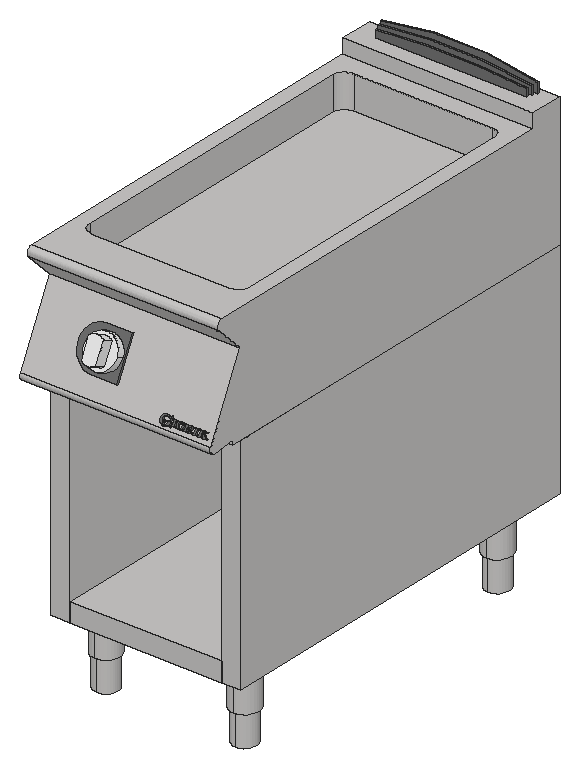
Revit family "QF_GIORIK_CM920G", category Specialty Equipment, Revit 2014
Parameters (values of type "CM920G")
  Weight in Pounds = 165.3465
  Watts = 5100 W
  Volts = 400 V
  URL Cutsheet = "www.giorik.com"
  URL = "www.giorik.com"
  Status [instance] = ""
  Specification by User [instance] = ""
  Specification by Manufacturer = ""
  Show Logo [instance] = yes
  Show Clearance [instance] = yes
  Serial Number = ""
  Seismic Rating = ""
  SMACNA No = ""
  Revision Code [instance] = ""
  Phase = 3
  Number of Poles [instance] = 3
  NAFEM Spec ID Number = ""
  Model = "CM920G"
  Min Ckt Ampacity = 0 A
  Max Overcurrent Protection = 0 A
  Masterspec = ""
  Manufacturer = "GIORIK"
  Item Number [instance] = ""
  Installed By [instance] = ""
  Identify Quantity as Lot [instance] = no
  HP = "6.839202000000"
  Furnished By [instance] = ""
  Foodservice Equipment Identifier [instance] = yes
  FL Amps = 0 A
  Electrical Remarks [instance] = ""
  Electric Connection Type [instance] = ""
  Elec Conn RI Height [instance] = 0 mm
  Elec Conn Connection Height [instance] = 150 mm
  Description = "MULTIPURPOSE BRATT PAN ON OPEN BASE UNIT, CAPACITY 12 LT"
  Cycle = 50 Hz
  Conn Plug = ""
  CSI MasterFormat = ""
  Assembly Code = "E1090320"
  Apparent Power = 5100 VA
Reference planes
  plane 1 "Back": y = 0
  plane 2: z = 0
  plane 3 "Left": x = 0
  plane 4 "Right": x = 400
  plane 5 "Front": y = -920
  plane 6 "Top": z = 900
Forms (mm)
  Extrusion 1, solid, visible <- "Show Logo"
    sketch origin (196.604, -936.624, 609.486) x (-1, 0, 0) y (0, 0.452718, 0.891654)
      loop
        line (-118.824, 58.358) -> (-127.804, 58.358) -> (-125.523, 56.445) -> (-125.523, 48.027) -> (-127.804, 46.113) -> (-118.824, 46.113) -> (-121.105, 48.027) -> (-121.105, 56.445) -> (-118.824, 58.358)
      loop
        line (-163.721, 58.358) -> (-172.7, 58.358) -> (-170.42, 56.445) -> (-170.42, 48.027) -> (-172.7, 46.113) -> (-163.721, 46.113) -> (-166.001, 48.027) -> (-166.001, 56.445) -> (-163.721, 58.358)
      loop
        line (-174.332, 58.358) -> (-183.312, 58.358) -> (-181.031, 56.445) -> (-181.031, 52.435) -> (-186.419, 56.955) -> (-184.416, 58.358) -> (-191.268, 58.358) -> (-188.01, 56.839) -> (-185.455, 54.283) -> (-190.846, 47.858) -> (-193.396, 46.93) -> (-193.396, 46.113) -> (-184.416, 46.113) -> (-185.437, 47.571) -> (-182.443, 51.552) -> (-181.031, 50.894) -> (-181.031, 48.027) -> (-183.312, 46.113) -> (-174.332, 46.113) -> (-176.613, 48.027) -> (-176.613, 56.445) -> (-174.332, 58.358)
      loop
        line (-115.429, 62.063) -> (-115.429, 54.198)
        arc (-115.429, 54.198) -> (-111.618, 57.803) -> (-106.847, 59.986) r 16.039
        arc (-106.847, 59.986) -> (-103.314, 59.837) -> (-100.512, 57.68) r 5.851
        arc (-100.512, 57.68) -> (-98.815, 52.267) -> (-100.512, 46.853) r 9.479
        arc (-100.512, 46.853) -> (-102.406, 44.986) -> (-104.846, 43.93) r 7.236
        arc (-104.846, 43.93) -> (-107.728, 44.111) -> (-110.052, 45.825) r 5.11
        line (-110.052, 45.825) -> (-110.052, 52.001) -> (-116.141, 52.001) -> (-116.141, 45.503) -> (-117.893, 43.751) -> (-114.094, 44.769)
        arc (-114.094, 44.769) -> (-112.56, 44.947) -> (-111.129, 44.366) r 3.115
        arc (-111.129, 44.366) -> (-104.216, 42.091) -> (-97.303, 44.366) r 11.641
        arc (-97.303, 44.366) -> (-93.396, 52.107) -> (-97.303, 59.849) r 9.622
        arc (-97.303, 59.849) -> (-104.369, 62.174) -> (-111.435, 59.849) r 11.898
        line (-111.435, 59.849) -> (-115.429, 62.063)
      loop
        arc (-129.234, 56.068) -> (-135.893, 58.628) -> (-142.552, 56.068) r 9.941
        arc (-142.552, 56.068) -> (-144.234, 52.286) -> (-142.552, 48.505) r 5.093
        arc (-142.552, 48.505) -> (-135.893, 45.945) -> (-129.234, 48.505) r 9.941
        arc (-129.234, 48.505) -> (-127.552, 52.286) -> (-129.234, 56.068) r 5.093
      loop
        arc (-132.628, 54.403) -> (-135.893, 57.668) -> (-139.158, 54.403) r 3.265
        line (-139.158, 54.403) -> (-139.158, 50.169)
        arc (-139.158, 50.169) -> (-135.893, 46.904) -> (-132.628, 50.169) r 3.265
        line (-132.628, 50.169) -> (-132.628, 54.403)
      loop
        arc (-156.363, 58.365) -> (-159.647, 55.081) -> (-156.363, 51.796) r 3.285
        line (-156.363, 51.796) -> (-159.529, 47.306) -> (-162.087, 46.113) -> (-155.847, 46.113) -> (-153.529, 51.083) -> (-150.637, 51.083) -> (-150.637, 47.784) -> (-153.022, 46.113) -> (-144.011, 46.113) -> (-146.094, 47.68) -> (-146.094, 56.493) -> (-144.229, 58.365) -> (-156.363, 58.365)
      loop
        line (-150.637, 57.512) -> (-153.637, 57.512)
        arc (-153.637, 57.512) -> (-156.237, 54.912) -> (-153.637, 52.312) r 2.6
        line (-153.637, 52.312) -> (-150.637, 52.312) -> (-150.637, 57.512)
      loop
        line (-108.924, 52.001) -> (-104.936, 49.005) -> (-100.948, 52.001) -> (-108.924, 52.001)
    from 1.5 to -0.5
  Extrusion 2, solid
    sketch origin (-16, 1025.948, 0) x (1, 0, 0) y (0, 1, 0)
      loop
        line (25, -1086.81) -> (25, -1156.81) -> (115, -1156.81) -> (115, -1086.81) -> (25, -1086.81)
    from 148 to 150
  Extrusion 3, solid
    sketch origin (-4, 0.138, 130) x (1, 0, 0) y (0, 1, 0)
      loop
        circle (54, -385) r 12.5
    from 0 to 20
  Extrusion 4, solid
    sketch origin (0, 800.138, -20) x (0, 1, 0) y (0, 0, 1)
      loop
        line (-800.138, 919.988) -> (-870.138, 919.988) -> (-870.138, 889.988) -> (-1688.806, 889.988)
        arc (-1688.806, 889.988) -> (-1699.151, 883.075) -> (-1696.724, 870.873) r 11.197
        line (-1696.724, 870.873) -> (-1640.876, 815.025) -> (-1718.948, 661.258)
        arc (-1718.948, 661.258) -> (-1718.233, 650.105) -> (-1708.118, 645.354) r 10.981
        line (-1708.118, 645.354) -> (-1660, 649.925) -> (-1660, 640) -> (-800.138, 640) -> (-800.138, 919.988)
    from 0 to 400
  Extrusion 5, solid
    sketch origin (0, -199.862, 599.536) x (1, 0, 0) y (0, 1, 0)
      loop
        line (0, -640) -> (40, -640) -> (40, 159.862) -> (360, 159.862) -> (360, -640) -> (400, -640) -> (400, 199.862) -> (0, 199.862) -> (0, -640)
    from -449.536 to 20.464
  Extrusion 6, solid
    sketch origin (0, -199.862, 0) x (1, 0, 0) y (0, 1, 0)
      loop
        line (40, 159.862) -> (40, -640) -> (360, -640) -> (360, 159.862) -> (40, 159.862)
    from 150 to 190
  Extrusion 7, solid
    sketch origin (-16, 360.948, 0) x (1, 0, 0) y (0, 1, 0)
      loop
        line (25, -1086.81) -> (25, -1156.81) -> (115, -1156.81) -> (115, -1086.81) -> (25, -1086.81)
    from 148 to 150
  Revolve 8, solid
    sketch origin (54, 360.948, 0) x (0, 1, 0) y (0, 0, 1)
      loop
        line (-1092.56, 66) -> (-1092.56, 148) -> (-1121.81, 148) -> (-1121.81, 0) -> (-1096.81, 0) -> (-1096.81, 66) -> (-1092.56, 66)
      axis (-1121.81, 0) -> (-1121.81, 148)
    angle from 0 to 360
  Revolve 9, solid
    sketch origin (54, 1025.948, 0) x (0, 1, 0) y (0, 0, 1)
      loop
        line (-1092.56, 66) -> (-1092.56, 148) -> (-1121.81, 148) -> (-1121.81, 0) -> (-1096.81, 0) -> (-1096.81, 66) -> (-1092.56, 66)
      axis (-1121.81, 0) -> (-1121.81, 148)
    angle from 0 to 360
  Extrusion 10, solid
    sketch origin (416, 360.948, 0) x (-1, 0, 0) y (0, -1, 0)
      loop
        line (25, 1086.81) -> (115, 1086.81) -> (115, 1156.81) -> (25, 1156.81) -> (25, 1086.81)
    from 148 to 150
  Revolve 11, solid
    sketch origin (346, 360.948, 0) x (0, 1, 0) y (0, 0, -1)
      loop
        line (-1092.56, -66) -> (-1096.81, -66) -> (-1096.81, 0) -> (-1121.81, 0) -> (-1121.81, -148) -> (-1092.56, -148) -> (-1092.56, -66)
      axis (-1121.81, 0) -> (-1121.81, -148)
    angle from 0 to 360
  Extrusion 12, solid
    sketch origin (416, -1217.672, 0) x (-1, 0, 0) y (0, -1, 0)
      loop
        line (25, -1086.81) -> (25, -1156.81) -> (115, -1156.81) -> (115, -1086.81) -> (25, -1086.81)
    from 148 to 150
  Revolve 13, solid
    sketch origin (346, -1217.672, 0) x (0, -1, 0) y (0, 0, 1)
      loop
        line (-1092.56, 66) -> (-1092.56, 148) -> (-1121.81, 148) -> (-1121.81, 0) -> (-1096.81, 0) -> (-1096.81, 66) -> (-1092.56, 66)
      axis (-1121.81, 0) -> (-1121.81, 148)
    angle from 0 to 360
  Extrusion 14, solid
    sketch origin (-273.221, -1163.208, 52.363) x (1, 0, 0) y (0, 0.452718, 0.891654)
      loop
        line (463.221, 676.25) -> (463.221, 766.25) -> (409.698, 766.25)
        arc (409.698, 766.25) -> (364.698, 721.25) -> (409.698, 676.25) r 45
        line (409.698, 676.25) -> (463.221, 676.25)
    from 48 to 50
  Extrusion 15, solid
    sketch origin (501.331, -1208.559, 74.959) x (-1, 0, 0) y (0, -0.45351, -0.891251)
      loop
        circle (351.331, -721.346) r 35
    from 0 to 15
  Extrusion 16, solid
    sketch origin (501.331, -1208.559, 74.959) x (-1, 0, 0) y (0, -0.45351, -0.891251)
      loop
        arc (336.331, -743.846) -> (351.331, -748.846) -> (366.331, -743.846) r 25
        line (366.331, -743.846) -> (366.331, -698.846)
        arc (366.331, -698.846) -> (351.331, -693.846) -> (336.331, -698.846) r 25
        line (336.331, -698.846) -> (336.331, -743.846)
    from 15 to 40
  Extrusion 17, solid
    sketch origin (-94, 0.138, -10.001) x (1, 0, 0) y (0, 0, 1)
      loop
        line (135, 909.989) -> (453, 909.989) -> (453, 925.527) -> (347.056, 931.749) -> (240.944, 931.749) -> (135, 925.527) -> (135, 909.989)
    from 32 to 35
  Extrusion 18, solid
    sketch origin (-92, 10.138, -10.001) x (1, 0, 0) y (0, 0, 1)
      loop
        line (454, 909.989) -> (454, 928.527) -> (346.162, 939.193) -> (237.838, 939.193) -> (130, 928.527) -> (130, 909.989) -> (454, 909.989)
    from 32 to 35
  Extrusion 19, solid
    sketch origin (-90, 20.138, -10.001) x (1, 0, 0) y (0, 0, 1)
      loop
        line (455, 909.989) -> (455, 930.527) -> (345.396, 947.413) -> (234.604, 947.413) -> (125, 930.527) -> (125, 909.989) -> (455, 909.989)
    from 32 to 35
  Extrusion 20, void
    sketch origin (0, -199.862, 819.988) x (0, 1, 0) y (-1, 0, 0)
      loop
        arc (90, -55) -> (82.678, -37.322) -> (65, -30) r 25
        line (65, -30) -> (-575, -30)
        arc (-575, -30) -> (-592.678, -37.322) -> (-600, -55) r 25
        line (-600, -55) -> (-600, -345)
        arc (-600, -345) -> (-592.678, -362.678) -> (-575, -370) r 25
        line (-575, -370) -> (65, -370)
        arc (65, -370) -> (82.678, -362.678) -> (90, -345) r 25
        line (90, -345) -> (90, -55)
    from -20 to 50
Cuts and joins
  Extrusion 20 cuts Extrusion 4
Lines and regions (mm)
  symbolic lines, style "200-EquipBorder-2D"
    curve 1: line (0, -920, 0) -> (400, -920, 0)
    curve 2: line (400, -920, 0) -> (400, 0, 0)
    curve 3: line (400, 0, 0) -> (0, 0, 0)
    curve 4: line (0, 0, 0) -> (0, -920, 0)
    curve 26: line (135, -927.276, 900) -> (135, -920, 900)
    curve 27: line (165, -927.276, 900) -> (165, -920, 900)
    curve 28: arc (165, -927.276, 900) -> (150, -929.502, 900) -> (135, -927.276, 900) r 51.647
  symbolic lines, style "200-EquipInternal-2D"
    curve 5: line (0, -70, 900) -> (400, -70, 900)
    curve 6: line (35, -11.862, 900) -> (365, -11.862, 900)
    curve 7: line (365, -11.862, 900) -> (365, -14.862, 900)
    curve 8: line (365, -14.862, 900) -> (35, -14.862, 900)
    curve 9: line (35, -14.862, 900) -> (35, -11.862, 900)
    curve 10: line (38, -21.862, 900) -> (362, -21.862, 900)
    curve 11: line (362, -21.862, 900) -> (362, -24.862, 900)
    curve 12: line (362, -24.862, 900) -> (38, -24.862, 900)
    curve 13: line (38, -24.862, 900) -> (38, -21.862, 900)
    curve 14: line (41, -31.862, 900) -> (359, -31.862, 900)
    curve 15: line (359, -31.862, 900) -> (359, -34.862, 900)
    curve 16: line (359, -34.862, 900) -> (41, -34.862, 900)
    curve 17: line (41, -34.862, 900) -> (41, -31.862, 900)
    curve 18: arc (55, -109.862, 900) -> (37.322, -117.185, 900) -> (30, -134.862, 900) r 25
    curve 19: line (30, -134.862, 900) -> (30, -774.862, 900)
    curve 20: arc (370, -134.862, 900) -> (362.678, -117.185, 900) -> (345, -109.862, 900) r 25
    curve 21: line (370, -774.862, 900) -> (370, -134.862, 900)
    curve 22: arc (345, -799.862, 900) -> (362.678, -792.54, 900) -> (370, -774.862, 900) r 25
    curve 23: line (55, -799.862, 900) -> (345, -799.862, 900)
    curve 24: arc (30, -774.862, 900) -> (37.322, -792.54, 900) -> (55, -799.862, 900) r 25
    curve 25: line (345, -109.862, 900) -> (55, -109.862, 900)
Dimensions and locks
  plane 3 "Left" to plane 4 "Right" = 400 mm
  plane 5 "Front" to plane 1 "Back" = 920 mm
  plane 4 "Right" to plane 3 "Left" = 400 mm
  plane 1 "Back" to plane 5 "Front" = 920 mm
  plane 6 "Top" to level = 900 mm  (x2)
  aligned and locked: level to plane 2
Connectors
  electrical at (50, -384.862, 130), driven by "Apparent Power", driven by "Volts", driven by "Number of Poles"
    settings: on Extrusion 3, index 1, voltage 400 V, apparent load 0 VA, apparent load phase1 5100 VA, apparent load phase2 0 VA, apparent load phase3 0 VA, power factor 1, load classification "Other", number of poles 3, system type 31, power factor state 1, is connector primary yes, connector utility no, sub classification motor no, connector description "Electrical connection"
